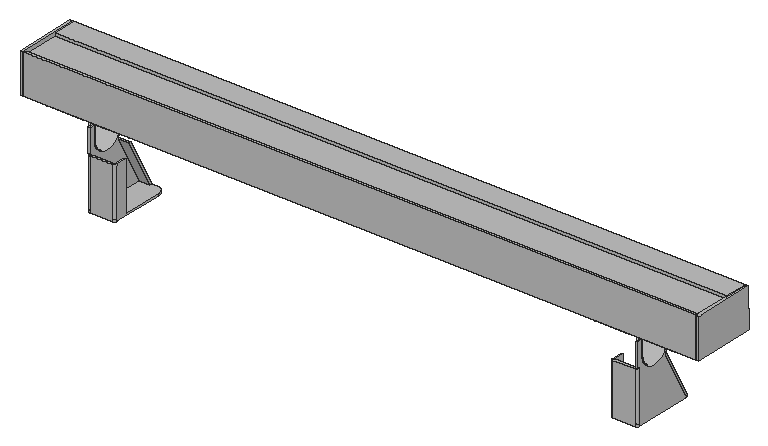
Revit family "4070748+4070747+4070771 Feilo Sylvania Lighting Fixtures CURSUS 591MM 385LM WIDE LED 4K with SINGLE WALL HOUSING with 70MM WALL BRACKET", category Lighting Fixtures, host Face, Revit 2017
Family settings
  Host = Face
  Round Connector Dimension = Use Diameter
  Part Type = Normal
  OmniClass Number = 23.80.70.14
  OmniClass Title = Luminaries for External Lighting
  Cut with Voids When Loaded = Yes
  Light Source = No
  Shared = No
  Room Calculation Point = No
Parameters (values of type "4070748 CURSUS 591MM 385LM WIDE LED 4K")
  Weight = "1.2 kg"
  Wattage Comments = "n/a"
  WarrantyStartDate [instance] = "n/a"
  WarrantyGuarantorParts = "n/a"
  WarrantyDurationUnit = "n/a"
  WarrantyDurationParts = "n/a"
  WarrantyDescription = "n/a"
  Voltage = 24 V
  URL = "http://www.sylvania-lighting.com"
  TypeName = "CURSUS 591MM 385LM WIDE LED 4K"
  TypeFixture_FEILO = CURSUS with SINGLE WALL HOUSING : CURSUS 591MM 385LM WIDE LED 4K
  Type Image = <None>
  Type Comments = "n/a"
  TiltAngle [instance] = 0.00°
  StartAngle [instance] = TiltAngle + 270.00°  # 270.00°
  SerialNumber [instance] = "n/a"
  ReflectorMaterial = none
  PowerFactor = 0
  PowerConsumption = "9 W"
  NominalLength = 591 mm
  NominalHeight = 50 mm
  NominalDepth = 30 mm
  Name = "CURSUS 591MM 385LM WIDE LED 4K"
  ModelReference = Name  # "CURSUS 591MM 385LM WIDE LED 4K"
  ModelNumber = "4070748"
  Model = Name  # "CURSUS 591MM 385LM WIDE LED 4K"
  Material = "natural anodised extruded aluminium structure housing"
  ManufacturerName = "Feilo Sylvania"
  Manufacturer = "Feilo Sylvania"
  LuminousEfficacy = "42.77 lm/W"
  LuminaireType = ""
  LightOutputRatio = "100"
  LampsType = Lamp  # "LED"
  LampNominalLuminous = "385 lm"
  LampMacAdamStep = "n/a"
  LampColourTemperature = "4000 K"
  LampColourRenderingIndex = "80"
  Lamp = "LED"
  Keynote = "16500"
  InstallationDate [instance] = "n/a"
  InputVoltage = "24V DC"
  InputNominalFrequency = "n/a"
  IngressProtection = "IP67"
  ImpactProtectionIndex = "IK07"
  IfcExportType = "IfcLightFixtureType"
  IfcExportAs = "IfcLightFixtureType"
  ExpectedLife = 50000
  EndAngle [instance] = StartAngle - 180.00°  # 90.00°
  ElectricShockClassification = "Class III"
  DurationUnit = "hours"
  DocumentationLiterature = "http://www.sylvania-lighting.com/product/en-int/products/4070748"
  DimmingControlOptions = "n/a"
  DiffuserMaterial = Diffuser-Sylvania-Glow
  Description = "LED Exterior Lighting Recessed Surface Mounted Linear Fixture, Natural anodised extruded aluminium structure. Die-cast aluminium end caps. Installation kit with harmonic steel springs., 385 lm, 9W,  42lm/W, 4000K, CRI80+,non dimmable,IP67, IK07, (HxWxD) 591x50x30mm, 3 step Mac Adam Ellipse, 1.2kg,, Classe III, 21-25V-DC, energy class : A++, A+, A"
  Default Elevation = 1219.2 mm
  CreatedOn = "1/8/2018"
  CreatedBy = ""
  Cost = 0
  built-in parameter 1114216 [instance] = (empty or 0)
  ClassificationValue = "EF_70_80"
  ClassificationName = "Uniclass2015"
  BracketWidth = 24 mm
  BracketThickness = 2 mm
  BracketHeightEnd = 32 mm
  BracketHeight = 55 mm
  BracketFlange = BracketHeight / 5  # 11 mm
  BracketExtension = 70 mm
  BracketEndReduction = 25 mm
  BracketC = 22 mm  # constant formula
  BracketDistance = 460 mm
  BracketD = BracketHeightEnd - (BracketC * (BracketHeight - BracketHeightEnd) / (BracketExtension - BracketEndReduction))  # 20.756 mm
  BodyMaterial = Body-Sylvania-Gray
  BarCode [instance] = "n/a"
  AssetType = "Fixed"
  AssetIdentifier [instance] = "n/a"
  Assembly Code = "D5020200"
  Apparent Load = 9 VA
  AccessoryMaterial = Diffuser-Sylvania-Glow
Reference planes
  plane 1 "Center (Front/Back)": y = 0
  plane 2: z = 0
  plane 3 "Center (Left/Right)": x = 0
  plane 4: x = -242
  plane 5: x = 242
  plane 6: y = 55
  plane 7: x = -218
  plane 8: x = 218
  plane 9: z = 70
  plane 10: z = 56
  plane 11: z = 2
  plane 12: z = 45
  plane 13: x = -240
  plane 14: y = 53
  plane 15: y = 2
  plane 16: x = -220
  plane 17: x = 220
  plane 18: x = 240
  plane 19: x = -230
  plane 20: x = 230
  plane 21: y = 11
  plane 22: y = 32
  plane 23: y = 30
  plane 24: z = 67
  plane 25: y = 20.756
  plane 26: y = 16
Forms (mm)
  Blend 1, solid, material "Body-Sylvania-Gray" <- "BodyMaterial"
    base sketch origin (1223.4, -4572, 2) x (0, -1, 0) y (1, 0, 0)
      loop
        line (-4625, -1453.4) -> (-4627, -1453.4) -> (-4627, -1463.4)
        arc (-4627, -1463.4) -> (-4626.414, -1464.814) -> (-4625, -1465.4) r 2
        line (-4625, -1465.4) -> (-4574, -1465.4)
        arc (-4574, -1465.4) -> (-4572.586, -1464.814) -> (-4572, -1463.4) r 2
        line (-4572, -1463.4) -> (-4572, -1443.4)
        arc (-4572, -1443.4) -> (-4572.586, -1441.986) -> (-4574, -1441.4) r 2
        line (-4574, -1441.4) -> (-4583, -1441.4) -> (-4583, -1443.4) -> (-4574, -1443.4) -> (-4574, -1463.4) -> (-4625, -1463.4) -> (-4625, -1453.4)
    top sketch origin (1223.4, -4572, 2) x (0, -1, 0) y (1, 0, 0)
      loop
        line (-4583, -1443.4) -> (-4574, -1443.4) -> (-4574, -1463.4) -> (-4602, -1463.4) -> (-4602, -1453.4) -> (-4604, -1453.4) -> (-4604, -1463.4)
        arc (-4604, -1463.4) -> (-4603.52, -1464.71) -> (-4602.309, -1465.4) r 2.028
        line (-4602.309, -1465.4) -> (-4574, -1465.4)
        arc (-4574, -1465.4) -> (-4572.586, -1464.814) -> (-4572, -1463.4) r 2
        line (-4572, -1463.4) -> (-4572, -1443.4)
        arc (-4572, -1443.4) -> (-4572.586, -1441.986) -> (-4574, -1441.4) r 2
        line (-4574, -1441.4) -> (-4583, -1441.4) -> (-4583, -1443.4)
    from 0 to 43
  Extrusion 2, solid, material "Body-Sylvania-Gray" <- "BodyMaterial"
    sketch origin (0, 0, 0) x (1, 0, 0) y (0, 1, 0)
      loop
        arc (-240, 55) -> (-241.414, 54.414) -> (-242, 53) r 2
        line (-242, 53) -> (-242, 2)
        arc (-242, 2) -> (-241.414, 0.586) -> (-240, 0) r 2
        line (-240, 0) -> (-220, 0)
        arc (-220, 0) -> (-218.586, 0.586) -> (-218, 2) r 2
        line (-218, 2) -> (-218, 47.5)
        arc (-218, 47.5) -> (-220.197, 52.803) -> (-225.5, 55) r 7.5
        line (-225.5, 55) -> (-240, 55)
      loop
        line (240, 55) -> (225.5, 55)
        arc (225.5, 55) -> (220.197, 52.803) -> (218, 47.5) r 7.5
        line (218, 47.5) -> (218, 2)
        arc (218, 2) -> (218.586, 0.586) -> (220, 0) r 2
        line (220, 0) -> (240, 0)
        arc (240, 0) -> (241.414, 0.586) -> (242, 2) r 2
        line (242, 2) -> (242, 53)
        arc (242, 53) -> (241.414, 54.414) -> (240, 55) r 2
    from 0 to 2
  Blend 3, solid, material "Body-Sylvania-Gray" <- "BodyMaterial"
    base sketch origin (1223.4, -4572, 2) x (0, -1, 0) y (1, 0, 0)
      loop
        line (-4625, -983.4) -> (-4574, -983.4) -> (-4574, -1003.4) -> (-4583, -1003.4) -> (-4583, -1005.4) -> (-4574, -1005.4)
        arc (-4574, -1005.4) -> (-4572.586, -1004.814) -> (-4572, -1003.4) r 2
        line (-4572, -1003.4) -> (-4572, -983.4)
        arc (-4572, -983.4) -> (-4572.586, -981.986) -> (-4574, -981.4) r 2
        line (-4574, -981.4) -> (-4625, -981.4)
        arc (-4625, -981.4) -> (-4626.414, -981.986) -> (-4627, -983.4) r 2
        line (-4627, -983.4) -> (-4627, -993.4) -> (-4625, -993.4) -> (-4625, -983.4)
    top sketch origin (1223.4, -4572, 2) x (0, -1, 0) y (1, 0, 0)
      loop
        line (-4602, -993.4) -> (-4602, -983.4) -> (-4574, -983.4) -> (-4574, -1003.4) -> (-4583, -1003.4) -> (-4583, -1005.4) -> (-4574, -1005.4)
        arc (-4574, -1005.4) -> (-4572.586, -1004.814) -> (-4572, -1003.4) r 2
        line (-4572, -1003.4) -> (-4572, -983.4)
        arc (-4572, -983.4) -> (-4572.586, -981.986) -> (-4574, -981.4) r 2
        line (-4574, -981.4) -> (-4602, -981.4)
        arc (-4602, -981.4) -> (-4603.414, -981.986) -> (-4604, -983.4) r 2
        line (-4604, -983.4) -> (-4604, -993.4) -> (-4602, -993.4)
    from 0 to 43
  Blend 4, solid, material "Body-Sylvania-Gray" <- "BodyMaterial"
    base sketch origin (1223.4, -4572, 45) x (0, -1, 0) y (1, 0, 0)
      loop
        line (-4604, -1465.4) -> (-4572, -1465.4) -> (-4572, -1463.4) -> (-4604, -1463.4) -> (-4604, -1465.4)
    top sketch origin (1223.4, -4572, 45) x (0, -1, 0) y (1, 0, 0)
      loop
        line (-4572, -1465.4) -> (-4572, -1463.4) -> (-4592.756, -1463.4) -> (-4592.756, -1465.4) -> (-4572, -1465.4)
    from 0 to 22
  Blend 5, solid, material "Body-Sylvania-Gray" <- "BodyMaterial"
    base sketch origin (1223.4, -4572, 45) x (0, -1, 0) y (1, 0, 0)
      loop
        line (-4604, -983.4) -> (-4572, -983.4) -> (-4572, -981.4) -> (-4604, -981.4) -> (-4604, -983.4)
    top sketch origin (1223.4, -4572, 45) x (0, -1, 0) y (1, 0, 0)
      loop
        line (-4572, -981.4) -> (-4592.756, -981.4) -> (-4592.756, -983.4) -> (-4572, -983.4) -> (-4572, -981.4)
    from 0 to 22
  Extrusion 6, void
    sketch origin (0, 0, 0) x (0, 1, 0) y (0, 0, 1)
      loop
        line (0, 45) -> (2, 45) -> (2, 46.5) -> (0, 46.5) -> (0, 45)
      loop
        line (32, 45) -> (32, 46.5) -> (30, 46.5) -> (30, 45) -> (32, 45)
    from -242 to 242
  Revolve 7, solid, not visible
    sketch origin (1524, 16, 1219.2) x (1, 0, 0) y (0, 0, 1)
      loop
        line (-1524, -1152.2) -> (-1524, -1163.2) -> (-1294, -1163.2) -> (-1294, -1152.2) -> (-1524, -1152.2)
      axis (-1294, -1163.2) -> (-1524, -1163.2)
    angle from 270 <- "StartAngle" to 90 <- "EndAngle"
Cuts and joins
  Extrusion 6 cuts Blend 4
  Extrusion 6 cuts Blend 5
  joined: Blend 1, Extrusion 2, Blend 3, Blend 4, Blend 5
Lines and regions (mm)
  reference lines, not visible
    curve 1: line (-218, 16, 56) -> (218, 16, 56)
Dimensions and locks
  equal spacing: plane 4, plane 3 "Center (Left/Right)", plane 5
  "BracketDistance": plane 19 to plane 20
  "BracketHeight": plane 1 "Center (Front/Back)" to plane 6
  equal spacing: plane 7, plane 3 "Center (Left/Right)", plane 8
  "BracketWidth": plane 4 to plane 7
  "BracketExtension": plane 9 to plane 2
  "BracketThickness": plane 11 to plane 2
  "BracketEndReduction": plane 9 to plane 12
  equal spacing: plane 13, plane 3 "Center (Left/Right)", plane 18
  equal spacing: plane 16, plane 3 "Center (Left/Right)", plane 17
  "BracketThickness": plane 4 to plane 13
  "BracketThickness": plane 16 to plane 7
  "BracketThickness": plane 14 to plane 6
  "BracketThickness": plane 1 "Center (Front/Back)" to plane 15
  equal spacing: plane 4, plane 19, plane 7
  equal spacing: plane 8, plane 20, plane 5
  "BracketFlange": plane 1 "Center (Front/Back)" to plane 21
  "BracketHeightEnd": plane 1 "Center (Front/Back)" to plane 22
  "BracketThickness": plane 23 to plane 22
  locked: Extrusion 2 sketch curve to plane 7 at 7.5
  locked: Extrusion 2 sketch curve to plane 6 at 7.5  (x2)
  locked: plane 8 to Extrusion 2 sketch curve at 7.5
  "BracketC": plane 24 to plane 12
  "BracketD": plane 1 "Center (Front/Back)" to plane 25
  locked: plane 12 to Extrusion 6 sketch curve at 1.5
  equal spacing: plane 24, plane 10, plane 12
  equal spacing: plane 1 "Center (Front/Back)", plane 26, plane 22
  aligned and locked: plane 2 to host face
  aligned and locked: level to host face
  aligned and locked: plane 4 to Blend 1 sketch curve  (x2)
  aligned and locked: plane 13 to Blend 1 sketch curve  (x3)
  aligned and locked: Blend 1 sketch curve to plane 15
  aligned and locked: Blend 1 sketch curve to plane 16
  aligned and locked: Blend 1 sketch curve to plane 21
  aligned and locked: plane 7 to Blend 1 sketch curve
  aligned and locked: plane 16 to Blend 1 sketch curve
  aligned and locked: plane 1 "Center (Front/Back)" to Blend 1 sketch curve
  aligned and locked: plane 14 to Blend 1 sketch curve
  aligned and locked: Blend 1 sketch curve to var sketch  (x6)
  aligned and locked: Blend 1 sketch curve to plane 19
  aligned and locked: Blend 1 sketch curve to plane 22
  aligned and locked: plane 23 to Blend 1 sketch curve
  aligned and locked: plane 11 to Blend 1
  aligned and locked: Extrusion 2 sketch curve to Blend 1  (x3)
  aligned and locked: Extrusion 2 to level
  aligned and locked: Extrusion 2 to plane 11
  aligned and locked: Extrusion 2 sketch curve to plane 7
  aligned and locked: plane 18 to Blend 3 sketch curve  (x4)
  aligned and locked: plane 14 to Blend 3 sketch curve  (x2)
  aligned and locked: Blend 3 sketch curve to plane 20
  aligned and locked: Blend 3 sketch curve to plane 6
  aligned and locked: plane 5 to Blend 3 sketch curve
  aligned and locked: plane 1 "Center (Front/Back)" to Blend 3 sketch curve
  aligned and locked: plane 15 to Blend 3 sketch curve  (x2)
  aligned and locked: Blend 3 sketch curve to plane 8
  aligned and locked: Blend 3 sketch curve to plane 21
  aligned and locked: plane 17 to Blend 3 sketch curve
  aligned and locked: Blend 3 sketch curve to plane 18
  aligned and locked: plane 20 to Blend 3 sketch curve  (x2)
  aligned and locked: Blend 3 sketch curve to plane 23
  aligned and locked: Blend 3 sketch curve to var sketch  (x8)
  aligned and locked: var sketch to Blend 3 sketch curve
  aligned and locked: plane 22 to Blend 3 sketch curve
  aligned and locked: plane 11 to Blend 3
  aligned and locked: Extrusion 2 sketch curve to Blend 3  (x4)
  aligned and locked: Blend 1 to plane 12
  aligned and locked: Blend 3 to plane 12
  aligned and locked: Blend 4 sketch curve to plane 22
  aligned and locked: Blend 4 sketch curve to cut or joined group of Blend 1, Extrusion 2, Blend 3, Blend 4, Blend 5, Extrusion 6  (x2)
  aligned and locked: cut or joined group of Blend 1, Extrusion 2, Blend 3, Blend 4, Blend 5, Extrusion 6 to Blend 4 sketch curve
  aligned and locked: Blend 4 sketch curve to var sketch  (x2)
  aligned and locked: Blend 4 sketch curve to plane 13
  aligned and locked: Blend 4 to plane 24
  aligned and locked: Blend 4 sketch curve to plane 25
  aligned and locked: Blend 5 sketch curve to plane 18  (x2)
  aligned and locked: plane 1 "Center (Front/Back)" to Blend 5 sketch curve
  aligned and locked: plane 5 to Blend 5 sketch curve
  aligned and locked: plane 22 to Blend 5 sketch curve
  aligned and locked: Blend 5 sketch curve to var sketch
  aligned and locked: var sketch to Blend 5 sketch curve
  aligned and locked: Blend 5 sketch curve to plane 25
  aligned and locked: Blend 5 to plane 24
  aligned and locked: plane 12 to Blend 5
  aligned and locked: Extrusion 6 sketch curve to cut or joined group of Blend 1, Extrusion 2, Blend 3, Blend 4, Blend 5, Extrusion 6  (x2)
  aligned and locked: Extrusion 6 sketch curve to Extrusion 6 sketch curve
  aligned and locked: Extrusion 6 sketch curve to plane 15
  aligned and locked: plane 5 to Extrusion 6
  aligned and locked: Extrusion 6 to plane 4
  aligned and locked: Extrusion 6 sketch curve to plane 23
  aligned and locked: Revolve 7 sketch curve to plane 10  (x2)
  aligned and locked: plane 24 to Revolve 7 sketch curve
  aligned and locked: plane 3 "Center (Left/Right)" to Revolve 7 sketch curve
  aligned and locked: Revolve 7 sketch curve to plane 20
  aligned and locked: plane 7 to curve 1
  aligned and locked: plane 10 to curve 1
  aligned and locked: nested 1 to plane 5
  aligned and locked: nested 2 to plane 4
  aligned and locked: nested 1 to curve 1
  aligned and locked: nested 2 to curve 1
  aligned and locked: nested 1 to nested 3
  aligned and locked: nested 3 to plane 3 "Center (Left/Right)"
Automatic sketch dimensions
  host sketch curve to host sketch curve = 2438.4 mm  (x2)
  Blend 1 sketch curve to plane 13 = 0 mm
  plane 15 to Blend 1 sketch curve = 0 mm  (x3)
  Blend 1 sketch curve to plane 23 = 0.309 mm
  plane 6 to Blend 1 sketch curve = 0 mm
  plane 14 to Blend 1 sketch curve = 0 mm
  Blend 1 sketch curve to plane 19 = 0 mm
  Blend 3 sketch curve to plane 17 = 0 mm
  Extrusion 6 sketch curve to plane 1 "Center (Front/Back)" = 0 mm
  plane 12 to Extrusion 6 sketch curve = 0 mm
  Revolve 7 sketch curve to plane 4 = 1153 mm
  plane 5 to Revolve 7 sketch curve = 1161.4 mm
  curve 1 to plane 8 = 0 mm
Nested families
  nested 1: "MountingPlate" at (241, 16, 56) x (-1, 0, 0) z (0, 0, 1), type "MountingPlate"
  nested 2: "MountingPlate" at (-241, 16, 56) x (-1, 0, 0) z (0, 0, 1), type "MountingPlate"
  nested 3: "CURSUS with SINGLE WALL HOUSING" at (0, -4, 74) x (-1, 0, 0) z (0, 0, 1), type <- "TypeFixture_FEILO", type "CURSUS 591MM 385LM WIDE LED 4K"
    with WarrantyStartDate "n/a", SerialNumber "n/a", InstallationDate "n/a", EndCapRight yes, EndCapLeft yes, built-in parameter 1114216 (empty or 0), BarCode "n/a", AssetIdentifier "n/a"
Connectors
  electrical at (0, 0, 0), driven by "Voltage", driven by "Apparent Load", driven by "PowerFactor"
    settings: index 1, voltage 24 V, apparent load 9 VA, apparent load phase1 0 VA, apparent load phase2 0 VA, apparent load phase3 0 VA, power factor 0, load classification "Other", number of poles 1, system type 30, power factor state 1, is connector primary yes, connector utility no, sub classification motor no, connector description ""
Definition of nested family "MountingPlate"
  Parameters (values of type "MountingPlate")
    URL = "http://www.feilosylvania.com"
    Type Comments = "n/a"
    ReflectorMaterial = none
    MountingPlateWidth = 76 mm
    MountingPlateThickness = 2 mm
    MountingPlateRadiusBack = 12 mm
    MountingPlateRadius = 3 mm
    MountingPlateHeight = 35 mm
    Model = "n/a"
    Manufacturer = "Feilo Sylvania"
    Keynote = "n/a"
    DiffuserMaterial = none
    Description = "n/a"
    Default Elevation = 1219.2 mm
    Cost = 0
    BodyMaterial = none
    Assembly Code = "n/a"
    AccessoryMaterial = none
  Reference planes
    plane 1 "Center (Front/Back)": y = 0
    plane 2: z = 0
    plane 3 "Center (Left/Right)": x = 0
    plane 4: x = -38
    plane 5: x = 38
    plane 6: y = 17.5
    plane 7: y = -17.5
    plane 8: x = -3
    plane 9: x = 3
    plane 10: z = 18
    plane 11: z = 16
    plane 12: y = 12.5
    plane 13: y = -12.5
    plane 14: x = -1
    plane 15: x = 1
    plane 16: z = -12.5
    plane 17: z = -14.5
  Forms (mm)
    Extrusion 1, solid
      sketch origin (1.653, 0, 0) x (1, 0, 0) y (0, 1, 0)
        loop
          line (-1219.2, 1219.2) -> (-1219.2, -1219.2) -> (1219.2, -1219.2) -> (1219.2, 1219.2) -> (-1219.2, 1219.2)
      from 0 to -304.8
    Extrusion 2, solid, material <- "BodyMaterial"
      sketch origin (1218.4, -4572, 16) x (0, -1, 0) y (-1, 0, 0)
        loop
          line (-4589.5, 1253.4) -> (-4589.5, 1224.4)
          arc (-4589.5, 1224.4) -> (-4588.621, 1222.279) -> (-4586.5, 1221.4) r 3
          line (-4586.5, 1221.4) -> (-4557.5, 1221.4)
          arc (-4557.5, 1221.4) -> (-4555.379, 1222.279) -> (-4554.5, 1224.4) r 3
          line (-4554.5, 1224.4) -> (-4554.5, 1253.4)
          arc (-4554.5, 1253.4) -> (-4555.379, 1255.521) -> (-4557.5, 1256.4) r 3
          line (-4557.5, 1256.4) -> (-4586.5, 1256.4)
          arc (-4586.5, 1256.4) -> (-4588.621, 1255.521) -> (-4589.5, 1253.4) r 3
        loop
          arc (-4589.5, 1183.4) -> (-4588.621, 1181.279) -> (-4586.5, 1180.4) r 3
          line (-4586.5, 1180.4) -> (-4557.5, 1180.4)
          arc (-4557.5, 1180.4) -> (-4555.379, 1181.279) -> (-4554.5, 1183.4) r 3
          line (-4554.5, 1183.4) -> (-4554.5, 1212.4)
          arc (-4554.5, 1212.4) -> (-4555.379, 1214.521) -> (-4557.5, 1215.4) r 3
          line (-4557.5, 1215.4) -> (-4586.5, 1215.4)
          arc (-4586.5, 1215.4) -> (-4588.621, 1214.521) -> (-4589.5, 1212.4) r 3
          line (-4589.5, 1212.4) -> (-4589.5, 1183.4)
      from 0 to -2
    Extrusion 3, solid, material <- "BodyMaterial"
      sketch origin (0, 0, 0) x (1, 0, 0) y (0, 0, 1)
        loop
          line (-3, 18) -> (-3, -12.5) -> (-1, -12.5) -> (-1, 16)
          arc (-1, 16) -> (-1.586, 17.414) -> (-3, 18) r 2
        loop
          line (3, -12.5) -> (3, 18)
          arc (3, 18) -> (1.586, 17.414) -> (1, 16) r 2
          line (1, 16) -> (1, -12.5) -> (3, -12.5)
      from -12.5 to 12.5
    Extrusion 4, void
      sketch origin (0, 0, 0) x (0, 1, 0) y (0, 0, 1)
        loop
          line (-12.5, -0.5) -> (-17.5, -0.5) -> (-17.5, -14.5) -> (-0.5, -14.5) -> (-0.5, -12.5)
          arc (-0.5, -12.5) -> (-8.985, -8.985) -> (-12.5, -0.5) r 12
        loop
          line (0.5, -12.5) -> (0.5, -14.5) -> (17.5, -14.5) -> (17.5, -0.5) -> (12.5, -0.5)
          arc (12.5, -0.5) -> (8.985, -8.985) -> (0.5, -12.5) r 12
      from -3 to 3
  Cuts and joins
    Extrusion 4 cuts Extrusion 2
    Extrusion 4 cuts Extrusion 3
    joined: Extrusion 2, Extrusion 3
  Lines and regions (mm)
    reference lines
      curve 1: line (-38, 0, 0) -> (38, 0, 0)
  Dimensions and locks
    equal spacing: plane 4, plane 3 "Center (Left/Right)", plane 5
    "MountingPlateWidth": plane 4 to plane 5
    equal spacing: plane 7, plane 1 "Center (Front/Back)", plane 6
    "MountingPlateHeight": plane 7 to plane 6
    equal spacing: plane 8, plane 3 "Center (Left/Right)", plane 9
    "MountingPlateHeight": plane 4 to plane 8
    locked: plane 10 to plane 2 at 18
    "MountingPlateThickness": plane 10 to plane 11
    equal spacing: plane 13, plane 1 "Center (Front/Back)", plane 12
    locked: plane 13 to plane 12 at 25
    "MountingPlateRadius": plane 4 to Extrusion 2 sketch curve  (x2)
    "MountingPlateRadius": Extrusion 2 sketch curve to plane 6  (x4)
    "MountingPlateRadius": Extrusion 2 sketch curve to plane 8  (x2)
    "MountingPlateRadius": plane 7 to Extrusion 2 sketch curve  (x4)
    "MountingPlateRadius": plane 9 to Extrusion 2 sketch curve  (x2)
    "MountingPlateRadius": Extrusion 2 sketch curve to plane 5  (x2)
    equal spacing: plane 15, plane 3 "Center (Left/Right)", plane 14
    "MountingPlateThickness": plane 14 to plane 8
    locked: plane 2 to plane 16 at 12.5
    locked: plane 17 to plane 16 at 2
    "MountingPlateRadiusBack": plane 13 to Extrusion 4 sketch curve
    "MountingPlateRadiusBack": plane 16 to Extrusion 4 sketch curve  (x2)
    "MountingPlateRadiusBack": Extrusion 4 sketch curve to plane 12
    aligned and locked: plane 2 to Extrusion 1
    aligned and locked: level to Extrusion 1
    aligned and locked: Extrusion 2 sketch curve to plane 6
    aligned and locked: Extrusion 2 sketch curve to plane 4
    aligned and locked: plane 7 to Extrusion 2 sketch curve
    aligned and locked: plane 8 to Extrusion 2 sketch curve
    aligned and locked: plane 6 to Extrusion 2 sketch curve
    aligned and locked: Extrusion 2 sketch curve to plane 5
    aligned and locked: Extrusion 2 sketch curve to plane 7
    aligned and locked: plane 9 to Extrusion 2 sketch curve
    aligned and locked: Extrusion 2 to plane 10
    aligned and locked: plane 11 to Extrusion 2
    aligned and locked: Extrusion 3 sketch curve to Extrusion 2  (x2)
    aligned and locked: plane 16 to Extrusion 3 sketch curve  (x2)
    aligned and locked: plane 14 to Extrusion 3 sketch curve
    aligned and locked: plane 9 to Extrusion 3 sketch curve
    aligned and locked: plane 15 to Extrusion 3 sketch curve
    aligned and locked: Extrusion 3 to plane 12
    aligned and locked: plane 13 to Extrusion 3
    aligned and locked: plane 17 to Extrusion 4 sketch curve  (x2)
    aligned and locked: Extrusion 4 sketch curve to plane 7
    aligned and locked: Extrusion 4 sketch curve to plane 6
    aligned and locked: plane 9 to Extrusion 4
    aligned and locked: Extrusion 4 to plane 8
    aligned and locked: plane 4 to curve 1
    aligned and locked: curve 1 to level
  Automatic sketch dimensions
    Extrusion 1 sketch curve to Extrusion 1 sketch curve = 2438.4 mm  (x2)
    Extrusion 3 sketch curve to plane 11 = 0 mm
    curve 1 to plane 5 = 0 mm
    Extrusion 4 sketch curve to plane 13 = 0 mm
    Extrusion 4 sketch curve to plane 12 = 0 mm
Definition of nested family "CURSUS with SINGLE WALL HOUSING"
  Parameters (values of type "CURSUS 1161MM 827LM OVAL LED 3K")
    Width_FEILO = 35 mm
    Weight = "2.2 kg"
    Wattage Comments = "n/a"
    Wattage = 18 W
    WarrantyStartDate [instance] = "n/a"
    WarrantyGuarantorParts = "n/a"
    WarrantyDurationUnit = "n/a"
    WarrantyDurationParts = "n/a"
    WarrantyDescription = "n/a"
    WallThickness_FEILO = 2.5 mm
    built-in parameter 1150110 = 1 (stored number, unit not read)
    Voltage = 24 V
    URL = "http://www.feilosylvania.com"
    TypeName = "CURSUS 1161MM 827LM OVAL LED 3K"
    Type Image = (empty or 0)
    Type Comments = "n/a"
    built-in parameter 1114217 = 1 (stored number, unit not read)
    Tilt Angle = -90.00°
    built-in parameter 1150109 = 1 (stored number, unit not read)
    built-in parameter 1150134 = (empty or 0)
    built-in parameter 1150113 = 1 (stored number, unit not read)
    SerialNumber [instance] = "n/a"
    ReflectorMaterial = none
    PowerFactor = 0
    PowerConsumption = "18 W"
    Photometric Web File = "4070765.ies"
    NominalLength = 1161 mm
    NominalHeight = 50 mm
    NominalDepth = 30 mm
    Name = "CURSUS 1161MM 827LM OVAL LED 3K"
    ModelReference = Name  # "CURSUS 1161MM 827LM OVAL LED 3K"
    ModelNumber = ""
    Model = Name  # "CURSUS 1161MM 827LM OVAL LED 3K"
    Material = "natural anodised extruded aluminium structure housing, optical system with pmma lenses diffuser"
    ManufacturerName = "Feilo Sylvania"
    Manufacturer = "Feilo Sylvania"
    LuminousEfficacy = "45.94 lm/W"
    built-in parameter 1150105 = 1166.5 (stored number, unit not read)
    Lumens = 827 lm
    LuminaireType = ""
    built-in parameter 1150115 = 1 (stored number, unit not read)
    LightOutputRatio = "100"
    built-in parameter 1150137 = (empty or 0)
    built-in parameter 1150139 = (empty or 0)
    Length_FEILO = 1167 mm
    LampsType = Lamp  # "LED"
    LampNominalLuminous = "827 lm"
    LampMacAdamStep = "n/a"
    LampColourTemperature = "3000 K"
    LampColourRenderingIndex = "80"
    built-in parameter 1150112 = 1 (stored number, unit not read)
    built-in parameter 1150114 = 1 (stored number, unit not read)
    Lamp = "LED"
    Keynote = "16500"
    InstallationDate [instance] = "n/a"
    InputVoltage = "24V DC"
    InputNominalFrequency = "n/a"
    built-in parameter 1150132 = (empty or 0)
    built-in parameter 1150102 = (empty or 0)
    built-in parameter 1150107 = 3000 (stored number, unit not read)
    built-in parameter 1150138 = (empty or 0)
    IngressProtection = "IP67"
    ImpactProtectionIndex = "IK07"
    built-in parameter 1150106 = 11.665 (stored number, unit not read)
    IfcExportType = "IfcLightFixtureType"
    IfcExportAs = "IfcLightFixtureType"
    ExpectedLife = 50000
    EndCapRight [instance] = yes
    EndCapLeft [instance] = yes
    Emit from Rectangle Width = Width_FEILO - WallThickness_FEILO * 2  # 30 mm
    Emit from Rectangle Length = Length_FEILO - WallThickness_FEILO * 2  # 1162 mm
    Emit Shape Visible in Rendering = no
    ElectricShockClassification = "Class III"
    built-in parameter 1150104 = 4.2684 (stored number, unit not read)
    DurationUnit = "hours"
    DocumentationLiterature = "http://www.feilosylvania.com/product/en-int/products/4070765"
    DimmingControlOptions = "n/a"
    Dimming Lamp Color Temperature Shift = (empty or 0)
    DiffuserMaterial = none
    Description = "LED Exterior Lighting Recessed Surface Mounted Linear Fixture, Natural anodised extruded aluminium structure. Die-cast aluminium end caps. Installation kit with harmonic steel springs., 827 lm, 18W, 45lm/W, 3000K, CRI80+,non dimmable,IP67, IK07, (HxWxD) 1161x50x30mm, 3 step Mac Adam Ellipse, 2.2kg,, Classe III, 21-25V-DC, energy class : A++, A+, A"
    Default Elevation = 1219.2 mm
    CreatedOn = "1/8/2018"
    CreatedBy = "aron.fodor@feilosylvania.com"
    Cost = 0
    Color Filter = 16777215
    built-in parameter 1114216 [instance] = (empty or 0)
    ClassificationValue = "EF_70_80"
    ClassificationName = "Uniclass2015"
    BodyMaterial = none
    BarCode [instance] = "n/a"
    built-in parameter 1114218 = 1 (stored number, unit not read)
    built-in parameter 1150133 = 10 (stored number, unit not read)
    AssetType = "Fixed"
    AssetIdentifier [instance] = "n/a"
    Assembly Code = "D5020200"
    Apparent Load = 18 VA
    AccessoryMaterial = none
  Types (16, lengths in mm): name | Weight | Wattage | Voltage | TypeName | built-in parameter 1150134 | PowerConsumption | Photometric Web File | NominalLength | Name | ModelReference | Model | Material | LuminousEfficacy | built-in parameter 1150105 | Lumens | Length_FEILO | LampNominalLuminous | LampColourTemperature | InputVoltage | InputNominalFrequency | built-in parameter 1150107 | built-in parameter 1150106 | Emit from Rectangle Length | built-in parameter 1150104 | DocumentationLiterature | Description | Apparent Load
    CURSUS 1161MM 827LM OVAL LED 3K | "2.2 kg" | 18 W | 24 V | "CURSUS 1161MM 827LM OVAL LED 3K" | (empty or 0) | "18 W" | "4070765.ies" | 1161 | "CURSUS 1161MM 827LM OVAL LED 3K" | "CURSUS 1161MM 827LM OVAL LED 3K" | "CURSUS 1161MM 827LM OVAL LED 3K" | "natural anodised extruded aluminium structure housing, optical system with pmma lenses diffuser" | "45.94 lm/W" | 1166.5 (stored number, unit not read) | 827 lm | 1167 | "827 lm" | "3000 K" | "24V DC" | "n/a" | 3000 (stored number, unit not read) | 11.665 (stored number, unit not read) | 1162 | 4.2684 (stored number, unit not read) | "http://www.feilosylvania.com/product/en-int/products/4070765" | "LED Exterior Lighting Recessed Surface Mounted Linear Fixture, Natural anodised extruded aluminium structure. Die-cast aluminium end caps. Installation kit with harmonic steel springs., 827 lm, 18W, 45lm/W, 3000K, CRI80+,non dimmable,IP67, IK07, (HxWxD) 1161x50x30mm, 3 step Mac Adam Ellipse, 2.2kg,, Classe III, 21-25V-DC, energy class : A++, A+, A" | 18 VA
    CURSUS 1161MM 731LM WIDE LED 3K | "2.2 kg" | 18 W | 230 V | "CURSUS 1161MM 731LM WIDE LED 3K" | (empty or 0) | "18 W" | "4070764.ies" | 1161 | "CURSUS 1161MM 731LM WIDE LED 3K" | "CURSUS 1161MM 731LM WIDE LED 3K" | "CURSUS 1161MM 731LM WIDE LED 3K" | "natural anodised extruded aluminium structure housing" | "40.61 lm/W" | 403.47 (stored number, unit not read) | 731 lm | 1167 | "731 lm" | "3000 K" | "220-240V~" | "n/a" | 3000 (stored number, unit not read) | 4.0347 (stored number, unit not read) | 1162 | 3.7729 (stored number, unit not read) | "http://www.feilosylvania.com/product/en-int/products/4070764" | "LED Exterior Lighting Recessed Surface Mounted Linear Fixture, Natural anodised extruded aluminium structure. Die-cast aluminium end caps. Installation kit with harmonic steel springs., 731 lm, 18W, 40lm/W, 3000K, CRI80+,non dimmable,IP67, IK07, (HxWxD) 1161x50x30mm, 3 step Mac Adam Ellipse, 2.2kg,, Classe III, 21-25V-DC, energy class : A++, A+, A" | 18 VA
    CURSUS 1161MM 871LM OVAL LED 4K | "2.2 kg" | 18 W | 24 V | "CURSUS 1161MM 871LM OVAL LED 4K" | 12 | "18 W" | "4070763.ies" | 1161 | "CURSUS 1161MM 871LM OVAL LED 4K" | "CURSUS 1161MM 871LM OVAL LED 4K" | "CURSUS 1161MM 871LM OVAL LED 4K" | "natural anodised extruded aluminium structure housing, optical system with pmma lenses diffuser" | "48.38 lm/W" | 1192.8 (stored number, unit not read) | 871 lm | 1167 | "871 lm" | "4000 K" | "24V DC" | "50/60 Hz" | 4000 (stored number, unit not read) | 11.928 (stored number, unit not read) | 1162 | 4.4955 (stored number, unit not read) | "http://www.feilosylvania.com/product/en-int/products/4070763" | "LED Exterior Lighting Recessed Surface Mounted Linear Fixture, Natural anodised extruded aluminium structure. Die-cast aluminium end caps. Installation kit with harmonic steel springs., 871 lm, 18W,  48lm/W, 4000K, CRI80+,non dimmable,IP67, IK07, (HxWxD) 1161x50x30mm, 3 step Mac Adam Ellipse, 2.2kg,, Classe III, 21-25V-DC, energy class : A++, A+, A" | 18 VA
    CURSUS 1161MM 770LM WIDE LED 4K | "2.2 kg" | 18 W | 230 V | "CURSUS 1161MM 770LM WIDE LED 4K" | 12 | "18 W" | "4070762.ies" | 1161 | "CURSUS 1161MM 770LM WIDE LED 4K" | "CURSUS 1161MM 770LM WIDE LED 4K" | "CURSUS 1161MM 770LM WIDE LED 4K" | "natural anodised extruded aluminium structure housing" | "42.77 lm/W" | 424.94 (stored number, unit not read) | 770 lm | 1167 | "770 lm" | "4000 K" | "220-240V~" | "n/a" | 4000 (stored number, unit not read) | 4.2494 (stored number, unit not read) | 1162 | 3.9742 (stored number, unit not read) | "http://www.feilosylvania.com/product/en-int/products/4070762" | "LED Exterior Lighting Recessed Surface Mounted Linear Fixture, Natural anodised extruded aluminium structure. Die-cast aluminium end caps. Installation kit with harmonic steel springs., 770 lm, 18W,  42lm/W, 4000K, CRI80+,non dimmable,IP67, IK07, (HxWxD) 1161x50x30mm, 3 step Mac Adam Ellipse, 2.2kg,, Classe III, 21-25V-DC, energy class : A++, A+, A" | 18 VA
    CURSUS 876MM 620LM OVAL LED 3K | "1.7 kg" | 13.5 W | 24 V | "CURSUS 876MM 620LM OVAL LED 3K" | (empty or 0) | "13.5 W" | "4070758.ies" | 876 | "CURSUS 876MM 620LM OVAL LED 3K" | "CURSUS 876MM 620LM OVAL LED 3K" | "CURSUS 876MM 620LM OVAL LED 3K" | "natural anodised extruded aluminium structure housing, optical system with pmma lenses diffuser" | "45.92 lm/W" | 874.55 (stored number, unit not read) | 620 lm | 882 | "620 lm" | "3000 K" | "24V DC" | "50/60 Hz" | 3000 (stored number, unit not read) | 8.7455 (stored number, unit not read) | 877 | 4.2667 (stored number, unit not read) | "http://www.feilosylvania.com/product/en-int/products/4070758" | "LED Exterior Lighting Recessed Surface Mounted Linear Fixture, Natural anodised extruded aluminium structure. Die-cast aluminium end caps. Installation kit with harmonic steel springs., 620 lm, 13,5W, 45lm/W, 3000K, CRI80+,non dimmable,IP67, IK07, (HxWxD) 876x50x30mm, 3 step Mac Adam Ellipse, 1.7kg,, Classe III, 21-25V-DC, energy class : A++, A+, A" | 13.5 VA
    CURSUS 876MM 548LM WIDE LED 3K | "1.7 kg" | 13.5 W | 24 V | "CURSUS 876MM 548LM WIDE LED 3K" | (empty or 0) | "13.5 W" | "4070757.ies" | 876 | "CURSUS 876MM 548LM WIDE LED 3K" | "CURSUS 876MM 548LM WIDE LED 3K" | "CURSUS 876MM 548LM WIDE LED 3K" | "natural anodised extruded aluminium structure housing" | "40.59 lm/W" | 302.47 (stored number, unit not read) | 548 lm | 882 | "548 lm" | "3000 K" | "24V DC" | "n/a" | 3000 (stored number, unit not read) | 3.0247 (stored number, unit not read) | 877 | 3.7712 (stored number, unit not read) | "http://www.feilosylvania.com/product/en-int/products/4070757" | "LED Exterior Lighting Recessed Surface Mounted Linear Fixture, Natural anodised extruded aluminium structure. Die-cast aluminium end caps. Installation kit with harmonic steel springs., 548 lm, 13,5W, 40lm/W, 3000K, CRI80+,non dimmable,IP67, IK07, (HxWxD) 876x50x30mm, 3 step Mac Adam Ellipse, 1.7kg,, Classe III, 21-25V-DC, energy class : A++, A+, A" | 13.5 VA
    CURSUS 876MM 653LM OVAL LED 4K | "1.7 kg" | 13.5 W | 24 V | "CURSUS 876MM 653LM OVAL LED 4K" | 12 | "13.5 W" | "4070756.ies" | 876 | "CURSUS 876MM 653LM OVAL LED 4K" | "CURSUS 876MM 653LM OVAL LED 4K" | "CURSUS 876MM 653LM OVAL LED 4K" | "natural anodised extruded aluminium structure housing, optical system with pmma lenses diffuser" | "48.37 lm/W" | 894.28 (stored number, unit not read) | 653 lm | 882 | "653 lm" | "4000 K" | "24V DC" | "n/a" | 4000 (stored number, unit not read) | 8.9428 (stored number, unit not read) | 877 | 4.4938 (stored number, unit not read) | "http://www.feilosylvania.com/product/en-int/products/4070756" | "LED Exterior Lighting Recessed Surface Mounted Linear Fixture, Natural anodised extruded aluminium structure. Die-cast aluminium end caps. Installation kit with harmonic steel springs., 653 lm, 13,5W,  48lm/W, 4000K, CRI80+,non dimmable,IP67, IK07, (HxWxD) 876x50x30mm, 3 step Mac Adam Ellipse, 1.7kg,, Classe III, 21-25V-DC, energy class : A++, A+, A" | 13.5 VA
    CURSUS 876MM 577LM WIDE LED 4K | "1.7 kg" | 13.5 W | 24 V | "CURSUS 876MM 577LM WIDE LED 4K" | 12 | "13.5 W" | "4070755.ies" | 876 | "CURSUS 876MM 577LM WIDE LED 4K" | "CURSUS 876MM 577LM WIDE LED 4K" | "CURSUS 876MM 577LM WIDE LED 4K" | "natural anodised extruded aluminium structure housing" | "42.74 lm/W" | 318.43 (stored number, unit not read) | 577 lm | 882 | "577 lm" | "4000 K" | "24V DC" | "n/a" | 4000 (stored number, unit not read) | 3.1843 (stored number, unit not read) | 877 | 3.9707 (stored number, unit not read) | "http://www.feilosylvania.com/product/en-int/products/4070755" | "LED Exterior Lighting Recessed Surface Mounted Linear Fixture, Natural anodised extruded aluminium structure. Die-cast aluminium end caps. Installation kit with harmonic steel springs., 577 lm, 13,5W,  42lm/W, 4000K, CRI80+,non dimmable,IP67, IK07, (HxWxD) 876x50x30mm, 3 step Mac Adam Ellipse, 1.7kg,, Classe III, 21-25V-DC, energy class : A++, A+, A" | 13.5 VA
    CURSUS 591MM 414LM OVAL LED 3K | "1.2 kg" | 9 W | 24 V | "CURSUS 591MM 414LM OVAL LED 3K" | (empty or 0) | "9 W" | "4070751.ies" | 591 | "CURSUS 591MM 414LM OVAL LED 3K" | "CURSUS 591MM 414LM OVAL LED 3K" | "CURSUS 591MM 414LM OVAL LED 3K" | "natural anodised extruded aluminium structure housing, optical system with pmma lenses diffuser" | "46 lm/W" | 583.97 (stored number, unit not read) | 414 lm | 597 | "414 lm" | "3000 K" | "24V DC" | "n/a" | 3000 (stored number, unit not read) | 5.8397 (stored number, unit not read) | 592 | 4.2735 (stored number, unit not read) | "http://www.feilosylvania.com/product/en-int/products/4070751" | "LED Exterior Lighting Recessed Surface Mounted Linear Fixture, Natural anodised extruded aluminium structure. Die-cast aluminium end caps. Installation kit with harmonic steel springs., 414 lm, 9W, 46lm/W, 3000K, CRI80+,non dimmable,IP67, IK07, (HxWxD) 591x50x30mm, 3 step Mac Adam Ellipse, 1.2kg,, Classe III, 21-25V-DC, energy class : A++, A+, A" | 9 VA
    CURSUS 591MM 365LM WIDE LED 3K | "1.2 kg" | 9 W | 24 V | "CURSUS 591MM 365LM WIDE LED 3K" | (empty or 0) | "9 W" | "4070750.ies" | 591 | "CURSUS 591MM 365LM WIDE LED 3K" | "CURSUS 591MM 365LM WIDE LED 3K" | "CURSUS 591MM 365LM WIDE LED 3K" | "natural anodised extruded aluminium structure housing" | "40.55 lm/W" | 201.45 (stored number, unit not read) | 365 lm | 597 | "365 lm" | "3000 K" | "24V DC" | "n/a" | 3000 (stored number, unit not read) | 2.0145 (stored number, unit not read) | 592 | 3.7677 (stored number, unit not read) | "http://www.feilosylvania.com/product/en-int/products/4070750" | "LED Exterior Lighting Recessed Surface Mounted Linear Fixture, Natural anodised extruded aluminium structure. Die-cast aluminium end caps. Installation kit with harmonic steel springs., 365 lm, 9W, 40lm/W, 3000K, CRI80+,non dimmable,IP67, IK07, (HxWxD) 591x50x30mm, 3 step Mac Adam Ellipse, 1.2kg,, Classe III, 21-25V-DC, energy class : A++, A+, A" | 9 VA
    CURSUS 591MM 435LM OVAL LED 4K | "1.2 kg" | 9 W | 24 V | "CURSUS 591MM 435LM OVAL LED 4K" | 12 | "9 W" | "4070749.ies" | 591 | "CURSUS 591MM 435LM OVAL LED 4K" | "CURSUS 591MM 435LM OVAL LED 4K" | "CURSUS 591MM 435LM OVAL LED 4K" | "natural anodised extruded aluminium structure housing, optical system with pmma lenses diffuser" | "48.33 lm/W" | 595.73 (stored number, unit not read) | 435 lm | 597 | "435 lm" | "4000 K" | "24V DC" | "n/a" | 4000 (stored number, unit not read) | 5.9573 (stored number, unit not read) | 592 | 4.4903 (stored number, unit not read) | "http://www.feilosylvania.com/product/en-int/products/4070749" | "LED Exterior Lighting Recessed Surface Mounted Linear Fixture, Natural anodised extruded aluminium structure. Die-cast aluminium end caps. Installation kit with harmonic steel springs., 435 lm, 9W, 48lm/W, 4000K, CRI80+,non dimmable,IP67, IK07, (HxWxD) 591x50x30mm, 3 step Mac Adam Ellipse, 1.2kg,, Classe III, 21-25V-DC, energy class : A++, A+, A" | 9 VA
    CURSUS 591MM 385LM WIDE LED 4K | "1.2 kg" | 9 W | 24 V | "CURSUS 591MM 385LM WIDE LED 4K" | 12 | "9 W" | "4070748.ies" | 591 | "CURSUS 591MM 385LM WIDE LED 4K" | "CURSUS 591MM 385LM WIDE LED 4K" | "CURSUS 591MM 385LM WIDE LED 4K" | "natural anodised extruded aluminium structure housing" | "42.77 lm/W" | 212.47 (stored number, unit not read) | 385 lm | 597 | "385 lm" | "4000 K" | "24V DC" | "n/a" | 4000 (stored number, unit not read) | 2.1247 (stored number, unit not read) | 592 | 3.9742 (stored number, unit not read) | "http://www.feilosylvania.com/product/en-int/products/4070748" | "LED Exterior Lighting Recessed Surface Mounted Linear Fixture, Natural anodised extruded aluminium structure. Die-cast aluminium end caps. Installation kit with harmonic steel springs., 385 lm, 9W,  42lm/W, 4000K, CRI80+,non dimmable,IP67, IK07, (HxWxD) 591x50x30mm, 3 step Mac Adam Ellipse, 1.2kg,, Classe III, 21-25V-DC, energy class : A++, A+, A" | 9 VA
    CURSUS 306MM 207LM OVAL LED3K | "0.6 kg" | 4.5 W | 24 V | "CURSUS 306MM 207LM OVAL LED3K" | (empty or 0) | "4.5 W" | "4070744.ies" | 306 | "CURSUS 306MM 207LM OVAL LED3K" | "CURSUS 306MM 207LM OVAL LED3K" | "CURSUS 306MM 207LM OVAL LED3K" | "natural anodised extruded aluminium structure housing, optical system with pmma lenses diffuser" | "46 lm/W" | 291.98 (stored number, unit not read) | 207 lm | 312 | "207 lm" | "3000 K" | "24V DC" | "n/a" | 3000 (stored number, unit not read) | 2.9198 (stored number, unit not read) | 307 | 4.2735 (stored number, unit not read) | "http://www.feilosylvania.com/product/en-int/products/4070744" | "LED Exterior Lighting Recessed Surface Mounted Linear Fixture, Natural anodised extruded aluminium structure. Die-cast aluminium end caps. Installation kit with harmonic steel springs., 207 lm, 4,5W, 46lm/W, 3000K, CRI80+,non dimmable,IP67, IK07, (HxWxD) 306x50x30mm, 3 step Mac Adam Ellipse, 0.6kg,, Classe III, 21-25V-DC, energy class : A++, A+, A" | 4.5 VA
    CURSUS 306MM 183LM WIDE LED 3K | "0.6 kg" | 4.5 W | 24 V | "CURSUS 306MM 183LM WIDE LED 3K" | (empty or 0) | "4.5 W" | "4070743.ies" | 306 | "CURSUS 306MM 183LM WIDE LED 3K" | "CURSUS 306MM 183LM WIDE LED 3K" | "CURSUS 306MM 183LM WIDE LED 3K" | "natural anodised extruded aluminium structure housing" | "40.66 lm/W" | 101.01 (stored number, unit not read) | 183 lm | 312 | "183 lm" | "3000 K" | "24V DC" | "n/a" | 3000 (stored number, unit not read) | 1.0101 (stored number, unit not read) | 307 | 3.7781 (stored number, unit not read) | "http://www.feilosylvania.com/product/en-int/products/4070743" | "LED Exterior Lighting Recessed Surface Mounted Linear Fixture, Natural anodised extruded aluminium structure. Die-cast aluminium end caps. Installation kit with harmonic steel springs., 183 lm, 4,5W, 40lm/W, 3000K, CRI80+,non dimmable,IP67, IK07, (HxWxD) 306x50x30mm, 3 step Mac Adam Ellipse, 0.6kg,, Classe III, 21-25V-DC, energy class : A++, A+, A" | 4.5 VA
    CURSUS 306MM 218LM OVAL LED 4K | "0.6 kg" | 4.5 W | 24 V | "CURSUS 306MM 218LM OVAL LED 4K" | 12 | "4.5 W" | "4070742.ies" | 306 | "CURSUS 306MM 218LM OVAL LED 4K" | "CURSUS 306MM 218LM OVAL LED 4K" | "CURSUS 306MM 218LM OVAL LED 4K" | "natural anodised extruded aluminium structure housing, optical system with pmma lenses diffuser" | "48.44 lm/W" | 298.55 (stored number, unit not read) | 218 lm | 312 | "218 lm" | "4000 K" | "24V DC" | "n/a" | 4000 (stored number, unit not read) | 2.9855 (stored number, unit not read) | 307 | 4.5006 (stored number, unit not read) | "http://www.feilosylvania.com/product/en-int/products/4070742" | "LED Exterior Lighting Recessed Surface Mounted Linear Fixture, Natural anodised extruded aluminium structure. Die-cast aluminium end caps. Installation kit with harmonic steel springs., 218 lm, 4,5W,  48lm/W, 4000K, CRI80+,non dimmable,IP67, IK07, (HxWxD) 306x50x30mm, 3 step Mac Adam Ellipse, 0.6kg,, Classe III, 21-25V-DC, energy class : A++, A+, A" | 4.5 VA
    CURSUS 306MM 192LM WIDE LED 4K | "0.6 kg" | 4.5 W | 24 V | "CURSUS 306MM 192LM WIDE LED 4K" | 12 | "4.5 W" | "4070741.ies" | 306 | "CURSUS 306MM 192LM WIDE LED 4K" | "CURSUS 306MM 192LM WIDE LED 4K" | "CURSUS 306MM 192LM WIDE LED 4K" | "natural anodised extruded aluminium structure housing" | "42.66 lm/W" | 105.96 (stored number, unit not read) | 192 lm | 312 | "192 lm" | "4000 K" | "24V DC" | "n/a" | 4000 (stored number, unit not read) | 1.0596 (stored number, unit not read) | 307 | 3.9639 (stored number, unit not read) | "http://www.feilosylvania.com/product/en-int/products/4070741" | "LED Exterior Lighting Recessed Surface Mounted Linear Fixture, Natural anodised extruded aluminium structure. Die-cast aluminium end caps. Installation kit with harmonic steel springs., 192 lm, 4,5W,  42lm/W, 4000K, CRI80+,non dimmable,IP67, IK07, (HxWxD) 306x50x30mm, 3 step Mac Adam Ellipse, 0.6kg,, Classe III, 21-25V-DC, energy class : A++, A+, A" | 4.5 VA
  Reference planes
    plane 1 "Center (Front/Back)": y = 0
    plane 2: z = 0
    plane 3 "Center (Left/Right)": x = 0
    plane 4: x = 583.5
    plane 5: x = -583.5
    plane 6: x = -581
    plane 7: x = 581
    plane 8: z = 35
    plane 9: z = 17.5
    plane 10: z = 32.5
    plane 11: z = 2.5
    plane 12: z = 30
    plane 13: z = 5
    plane 14: y = -55
    plane 15: y = -53
    plane 16: y = -2.5
    plane 17: y = -37
    plane 18: y = -34.5
  Forms (mm)
    Extrusion 1, solid
      sketch origin (4.2, 0, 0) x (1, 0, 0) y (0, 1, 0)
        loop
          line (-1219.2, 1219.2) -> (-1219.2, -1219.2) -> (1219.2, -1219.2) -> (1219.2, 1219.2) -> (-1219.2, 1219.2)
      from 0 to -304.8
    Extrusion 2, solid, material <- "BodyMaterial"
      sketch origin (0, 0, 0) x (0, 1, 0) y (0, 0, 1)
        loop
          line (0, 35) -> (-2.5, 35) -> (-2.5, 32.5) -> (-34.5, 32.5) -> (-34.5, 35) -> (-55, 35) -> (-55, 32.5) -> (-37, 32.5) -> (-37, 30) -> (-2.5, 30) -> (-2.5, 5) -> (-37, 5) -> (-37, 2.5) -> (-55, 2.5) -> (-55, 0) -> (-34.5, 0) -> (-34.5, 2.5) -> (-2.5, 2.5) -> (-2.5, 0) -> (0, 0) -> (0, 35)
      from -581 to 581
    Extrusion 3, solid, material <- "DiffuserMaterial"
      sketch origin (0, 0, 0) x (0, 1, 0) y (0, 0, 1)
        loop
          line (-37, 32.5) -> (-55, 32.5) -> (-55, 19.5) -> (-53, 17.5) -> (-55, 15.5) -> (-55, 2.5) -> (-37, 2.5) -> (-37, 32.5)
      from -581 to 581
    Extrusion 4, solid, material <- "BodyMaterial", visible <- "EndCapRight"
      sketch origin (581, 1524, 1219.2) x (0, 1, 0) y (0, 0, 1)
        loop
          line (-1579, -1184.2) -> (-1579, -1219.2) -> (-1524, -1219.2) -> (-1524, -1184.2) -> (-1579, -1184.2)
      from 0 to 2.5
    Extrusion 5, solid, material <- "BodyMaterial", visible <- "EndCapLeft"
      sketch origin (-581, 1524, 1219.2) x (0, 1, 0) y (0, 0, 1)
        loop
          line (-1579, -1184.2) -> (-1579, -1219.2) -> (-1524, -1219.2) -> (-1524, -1184.2) -> (-1579, -1184.2)
      from -2.5 to 0
  Dimensions and locks
    equal spacing: plane 5, plane 3 "Center (Left/Right)", plane 4
    "Length_FEILO": plane 5 to plane 4
    equal spacing: plane 6, plane 3 "Center (Left/Right)", plane 7
    "WallThickness_FEILO": plane 5 to plane 6
    locked: plane 9 to plane 2 at 17.5
    locked: plane 8 to plane 2 at 35
    equal spacing: plane 11, plane 9, plane 10
    equal spacing: plane 13, plane 9, plane 12
    "WallThickness_FEILO": plane 12 to plane 10
    locked: plane 14 to plane 15 at 2
    locked: plane 14 to plane 17 at 18
    "WallThickness_FEILO": plane 17 to plane 18
    "WallThickness_FEILO": plane 16 to plane 1 "Center (Front/Back)"
    locked: plane 15 to Extrusion 3 sketch curve (angle 45.00°)
    locked: Extrusion 3 sketch curve to plane 15 (angle 45.00°)
    aligned and locked: plane 2 to Extrusion 1
    aligned and locked: level to Extrusion 1
    aligned and locked: plane 1 "Center (Front/Back)" to Extrusion 2 sketch curve
    aligned and locked: Extrusion 2 sketch curve to plane 8  (x2)
    aligned and locked: plane 16 to Extrusion 2 sketch curve
    aligned and locked: Extrusion 1 to Extrusion 2 sketch curve
    aligned and locked: Extrusion 2 sketch curve to plane 16  (x2)
    aligned and locked: Extrusion 2 sketch curve to plane 11
    aligned and locked: plane 18 to Extrusion 2 sketch curve
    aligned and locked: level to Extrusion 2 sketch curve
    aligned and locked: plane 11 to Extrusion 2 sketch curve
    aligned and locked: Extrusion 2 sketch curve to plane 17
    aligned and locked: plane 13 to Extrusion 2 sketch curve
    aligned and locked: Extrusion 2 sketch curve to plane 12
    aligned and locked: plane 10 to Extrusion 2 sketch curve  (x2)
    aligned and locked: plane 17 to Extrusion 2 sketch curve  (x2)
    aligned and locked: plane 12 to Extrusion 2 sketch curve
    aligned and locked: Extrusion 2 sketch curve to plane 10
    aligned and locked: Extrusion 2 sketch curve to plane 18
    aligned and locked: plane 7 to Extrusion 2
    aligned and locked: Extrusion 2 to plane 6
    aligned and locked: Extrusion 3 sketch curve to Extrusion 2  (x4)
    aligned and locked: Extrusion 2 to Extrusion 3 sketch curve
    aligned and locked: plane 9 to Extrusion 3 sketch curve
    aligned and locked: plane 7 to Extrusion 3
    aligned and locked: Extrusion 3 to plane 6
    aligned and locked: Extrusion 4 sketch curve to Extrusion 2  (x4)
    aligned and locked: plane 4 to Extrusion 4
    aligned and locked: Extrusion 4 to plane 7
    aligned and locked: Extrusion 5 sketch curve to Extrusion 4  (x3)
    aligned and locked: Extrusion 5 sketch curve to Extrusion 2
    aligned and locked: Extrusion 5 to plane 5
    aligned and locked: plane 6 to Extrusion 5
    aligned and locked: plane 14 to imposter light
    aligned and locked: imposter light to plane 9
    aligned and locked: plane 3 "Center (Left/Right)" to imposter light
  Automatic sketch dimensions
    Extrusion 1 sketch curve to Extrusion 1 sketch curve = 2438.4 mm  (x2)
    Extrusion 2 sketch curve to plane 14 = 0 mm  (x2)
    Extrusion 3 sketch curve to plane 15 = 0 mm
  Connectors
    electrical at (0, 0, 0), driven by "Apparent Load", driven by "PowerFactor", driven by "Voltage"
      settings: index 1, voltage 24 V, apparent load 18 VA, apparent load phase1 0 VA, apparent load phase2 0 VA, apparent load phase3 0 VA, power factor 0, load classification none, number of poles 1, system type 30, power factor state 1, is connector primary yes, connector utility no, sub classification motor no, connector description ""
